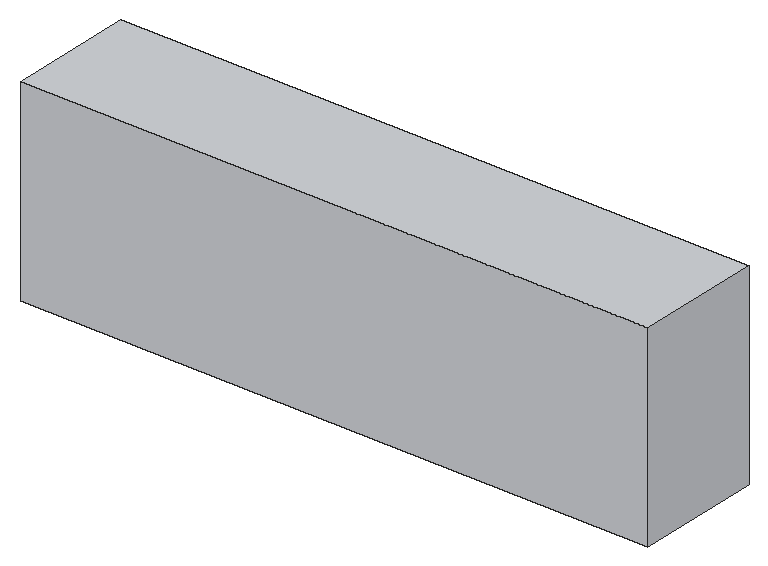
Revit family "Routing Envelope", category Generic Models, Revit 2020
Family settings
  Can host rebar = No
  Round Connector Dimension = Use Diameter
  Part Type = Normal
  Work Plane-Based = No
  Always vertical = Yes
  Cut with Voids When Loaded = No
  Shared = No
  Room Calculation Point = No
Parameters
  高さ [instance] = 1250 mm
  Default Elevation = 2800 mm
  幅 [instance] = 4000 mm
  奥行き [instance] = 800 mm
  material = Rack
  Arent-Height [instance] = 高さ  # 1250 mm
  Arent-Offset [instance] = 2800 mm
  Arent-Width [instance] = 幅  # 4000 mm
  Arent-Length [instance] = 奥行き  # 800 mm
Reference planes
  plane 1 "中心(正面/背面)": y = 0
  plane 2: z = 0
  plane 3 "中心(左/右)": x = 0
  plane 4: x = -2000
  plane 5: x = 2000
  plane 6: y = 400
  plane 7: y = -400
  plane 8: z = 2800
  plane 9: z = 4050
Forms (mm)
  Extrusion 1, solid
    sketch origin (0, 0, 0) x (1, 0, 0) y (0, 1, 0)
      loop
        line (-2000, 400) -> (-2000, -400) -> (2000, -400) -> (2000, 400) -> (-2000, 400)
    from 2800 to 4050
Dimensions and locks
  "奥行き": plane 6 to plane 7
  equal spacing: plane 4, plane 3 "中心(左/右)", plane 5
  "幅": plane 4 to plane 5
  equal spacing: plane 6, plane 1 "中心(正面/背面)", plane 7
  "高さ": plane 8 to plane 9
  "Arent-Offset": level to plane 8
  aligned and locked: level to plane 2
  aligned and locked: Extrusion 1 to plane 6
  aligned and locked: Extrusion 1 to plane 4
  aligned and locked: Extrusion 1 to plane 7
  aligned and locked: Extrusion 1 to plane 9
  aligned and locked: Extrusion 1 to plane 8
Automatic sketch dimensions
  Extrusion 1 sketch curve to plane 4 = 0 mm
  plane 5 to Extrusion 1 sketch curve = 0 mm
  Extrusion 1 sketch curve to plane 7 = 0 mm
  plane 6 to Extrusion 1 sketch curve = 0 mm
